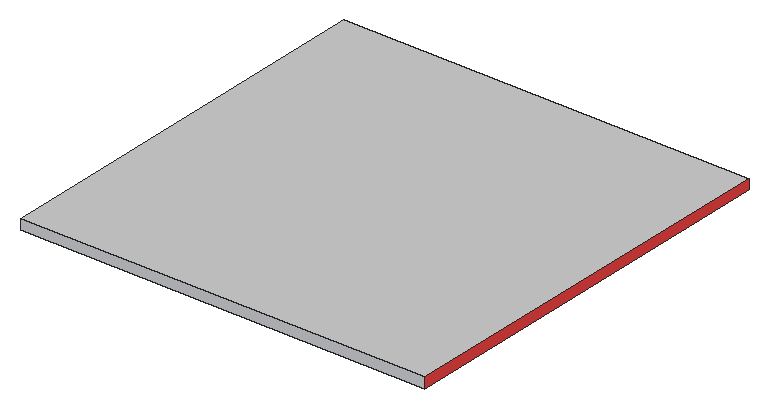
Revit family "GRIFO BAÑO-DUCHA KILY con accesorios de ducha", category Aparatos sanitarios, Revit 2015
Parameters (values of type "4951000")
  URL = "http://www.griferiasgalindo.com/bano-ducha/kily/grifo-bano-ducha-kily?c=es"
  Teléfono = "(+34) 915 782 575"
  TIPO DE AGUA = "Fria/Caliente"
  REFERENCIA = "4951000"
  Presión Máxima = ""
  PESO BRUTO = ""
  Modelo = "KILY"
  Material = LATON CROMADO
  Imagen de tipo = <Ninguno>
  Fabricante = "PRESTO IBÉRICA"
  Default Elevation = 1219.2 mm
  ENTRADA = "Hembra 3/4\" a 1/2'' con excéntrica"
  Descripción = "Grifo monomando de baño ducha Kily. Colección de líneas refinadas y elegantes que se adaptan a todo tipo de ambientes. Su original maneta de forma ondulada destaca en inclinación del escultural diseño del cuerpo del grifo. Una grifería que decora el espacio de baño con personalidad siendo piezas prácticas y ergonómicas muy confortables con el toque de distinción perfecto."
  Código de montaje = "C1030220"
  Contacto = "info@prestoiberica.com"
  Conexión AF = yes
  Conexión AC = yes
  Comentarios de tipo = "◦Grifo monomando baño ducha\r\n◦Acabado Cromo\r\n◦Aireador oculto\r\n◦Sin accesorios de ducha\r\n◦Cartucho con discos cerámicos de diámetro 35 mm\r\n◦Entrada Hembra 3/4\" a 1/2'' con excéntrica y embellecedor."
  CIERRE = ""
  CAUDAL = "13,2 l/min de 3 bar"
  Accionamiento = "Por maneta"
Reference planes
  plane 1 "Centro (Frontal/Posterior)": y = 0
  plane 2: z = 0
  plane 3 "Centro (Izquierda/Derecha)": x = 0
Forms (mm)
  Extrusion 1, solid
    sketch origin (0, 0, 0) x (1, 0, 0) y (0, 1, 0)
      loop
        line (-100, 100) -> (-100, -100) -> (100, -100) -> (100, 100) -> (-100, 100)
    from 0 to -5
Dimensions and locks
  Extrusion 1 sketch curve to plane 1 "Centro (Frontal/Posterior)" = 100 mm
  aligned and locked: plane 2 to Extrusion 1
  aligned and locked: level to Extrusion 1
Connectors
  piping at (-75.522, 9.445, -16.9), diameter 12.7
    settings: on import instance, index 1, connector inside diameter 609.6 mm, connector length 0 mm, flow factor 0, pipe flow 0.0 L/s, pressure drop 0.0 Pa, fitting loss kfactor 0, connector angle 0.00°, fixture units 0, engagement length 0 mm, angle of deflection 0.00°, flow configuration 0, flow direction 1, fitting loss method 0, system type 19, joint type 0, gender type 0, connector reference index -1, connector utility 0, adjustable connector no, is connector primary yes, connector description ""
  piping at (74.478, 9.445, -16.9), diameter 12.7
    settings: on import instance, index 2, connector inside diameter 609.6 mm, connector length 0 mm, flow factor 0, pipe flow 0.0 L/s, pressure drop 0.0 Pa, fitting loss kfactor 0, connector angle 0.00°, fixture units 0, engagement length 0 mm, angle of deflection 0.00°, flow configuration 0, flow direction 1, fitting loss method 0, system type 20, joint type 0, gender type 0, connector reference index -1, connector utility 0, adjustable connector no, is connector primary no, connector description ""
